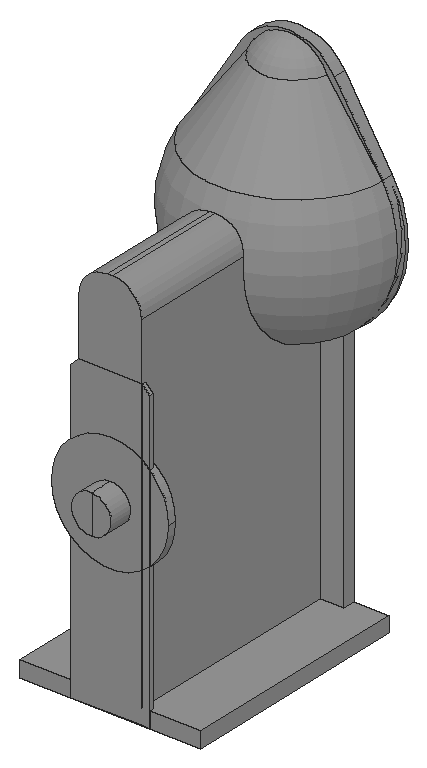
Revit family "Toilet-Willoughby-1490-ETF-FM-12-TS-FA", category Plumbing Fixtures, host Face, Revit 2014
Parameters (values of type "Standard")
  Waste DIA = 2 1/2"
  Waste Connection = yes
  W-RAD [instance] = Waste DIA / 2  # 0' - 1 1/4"
  Vent Connection = no
  URL = "www.willoughby-ind.com"
  Type Comments = ""
  Revision = "A"
  Model = "ETF-1490-FM-12-TS-FA"
  Manufacturer = "Willoughby Industries"
  HW Connection = no
  Flush inlet DIA = 1 1/2"
  Fixture Body = Stainless Steel AISI 304-Willoughby
  F-RAD [instance] = Flush inlet DIA / 2  # 0' - 0 3/4"
  Description = "Floor Outlet Toilet"
  Default Elevation = 0' - 0"
  Contact Number = "(800) 428-4065"
  CW Connection = yes
Reference planes (in)
  plane 1 "Base": y = -16.25
  plane 2: z = 0
  plane 3 "Center": x = 18.31072
  plane 4 "Waste height": y = -4.75
  plane 5: y = -1.25
  plane 6: z = -6.75
  plane 7: y = -2.125
  plane 8: y = -14.0625
  plane 9: y = 0.5
  plane 10: x = 16.56072
  plane 11: x = 20.06072
  plane 12: x = 11.56072
  plane 13: x = 25.06072
  plane 14: z = 23
  plane 15: z = 30.75
  plane 16: x = 15.81072
  plane 17: x = 20.81072
  plane 18: x = 16.31072
  plane 19: x = 20.31072
  plane 20: z = 12
  plane 21: x = 12.56072
  plane 22: x = 24.06072
  plane 23: z = 2.75
  plane 24: z = 32.75
Forms (in)
  Extrusion 1, solid, material "Stainless Steel AISI 304-Willoughby" <- "Fixture Body"
    sketch origin (16.08109, 7.47968, -0.20225) x (-1, 0, 0) y (0, 0, -1)
      loop
        line (1.29775, -16.80087) -> (1.29775, -1.20225) -> (-5.72963, -1.20225) -> (-5.72963, -16.81676)
        arc (-5.72963, -16.81676) -> (-8.98136, -21.11843) -> (-8.21015, -26.45542) r 7
        line (-8.21015, -26.45542) -> (-5.16818, -31.31054)
        arc (-5.16818, -31.31054) -> (-2.20225, -32.95225) -> (0.76368, -31.31054) r 3.5
        line (0.76368, -31.31054) -> (3.80565, -26.45542)
        arc (3.80565, -26.45542) -> (4.5729, -21.10311) -> (1.29775, -16.80087) r 7
      loop
        arc (2.03989, -24.70557) -> (-2.20225, -18.23804) -> (-6.44438, -24.70557) r 4.625
        line (-6.44438, -24.70557) -> (-4.04125, -30.23842)
        arc (-4.04125, -30.23842) -> (-2.20225, -31.45225) -> (-0.36324, -30.23842) r 2
        line (-0.36324, -30.23842) -> (2.03989, -24.70557)
    from 8.72968 to 9.5
  Revolve 2, solid, material "Stainless Steel AISI 304-Willoughby" <- "Fixture Body"
    sketch origin (19.37246, -1.52032, 3.00169) x (-1, 0, 0) y (0, 0, -1)
      loop
        line (1.06174, -12.59906) -> (1.06174, -12.84906)
        arc (1.06174, -12.84906) -> (7.03046, -17.88333) -> (5.08904, -25.44643) r 7.34171
        line (5.08904, -25.44643) -> (3.31535, -27.91457)
        arc (3.31535, -27.91457) -> (2.42192, -29.02159) -> (1.06174, -29.43826) r 2.42844
        line (1.06174, -29.43826) -> (1.06174, -29.68826)
        arc (1.06174, -29.68826) -> (2.54295, -29.2403) -> (3.52767, -28.04656) r 2.67283
        line (3.52767, -28.04656) -> (7.06964, -23.19143)
        arc (7.06964, -23.19143) -> (7.15052, -16.14555) -> (1.06174, -12.59906) r 7
      axis (1.06174, -12.59906) -> (1.06174, -29.68826)
    angle from 0 to -180
  Extrusion 3, solid, material "Stainless Steel AISI 304-Willoughby" <- "Fixture Body"
    sketch origin (19.53334, -3.02032, -2.9508) x (0, 1, 0) y (0, 0, 1)
      loop
        line (-4.42257, 3.9508) -> (1.02643, 3.9508) -> (1.02643, 18.97156)
        arc (1.02643, 18.97156) -> (-2.31062, 20.32275) -> (-4.42257, 23.23845) r 6.52287
        line (-4.42257, 23.23845) -> (-4.42257, 3.9508)
    from 0.77738 to -3.22262
  Extrusion 4, solid, material "Stainless Steel AISI 304-Willoughby" <- "Fixture Body"
    sketch origin (0, -16.25, 0) x (1, 0, 0) y (0, 0, 1)
      loop
        line (24.06072, 0) -> (24.06072, 1) -> (12.56072, 1) -> (12.56072, 0) -> (24.06072, 0)
    from -15 to 0
  Extrusion 5, solid, material "Stainless Steel AISI 304-Willoughby" <- "Fixture Body"
    sketch origin (0, -16.25, 2) x (1, 0, 0) y (0, 0, 1)
      loop
        line (20.31072, -1) -> (20.31072, 21.16116)
        arc (20.31072, 21.16116) -> (19.77214, 22.46142) -> (18.47188, 23) r 1.83884
        line (18.47188, 23) -> (18.15461, 23)
        arc (18.15461, 23) -> (16.85078, 22.45994) -> (16.31072, 21.15611) r 1.84389
        line (16.31072, 21.15611) -> (16.31072, -1) -> (20.31072, -1)
    from 0 to -8.80711
  Revolve 6, solid, material "Stainless Steel AISI 304-Willoughby" <- "Fixture Body"
    sketch origin (18.31072, 0, 0) x (0, 1, 0) y (0, 0, 1)
      loop
        line (-17.75, 12) -> (-14.75, 12) -> (-14.75, 13.25) -> (-17.75, 13.25) -> (-17.75, 12)
      axis (-14.75, 12) -> (-17.75, 12)
    angle from 0 to 360
  Revolve 7, solid, material "Stainless Steel AISI 304-Willoughby" <- "Fixture Body"
    sketch origin (18.31072, 0, 0) x (0, 1, 0) y (0, 0, 1)
      loop
        line (0, 2.75) -> (0, 3.5) -> (-3, 3.5) -> (-3, 2.75) -> (0, 2.75)
      axis (0, 2.75) -> (-3, 2.75)
    angle from 0 to 360
  Extrusion 8, solid, material "Stainless Steel AISI 304-Willoughby" <- "Fixture Body"
    sketch origin (0, -16.25, 9.25) x (1, 0, 0) y (0, 0, 1)
      loop
        circle (18.31072, 2.75) r 3.75
    from 0 to -0.5
  Extrusion 9, solid, material "Stainless Steel AISI 304-Willoughby" <- "Fixture Body"
    sketch origin (0, -16.25, 0) x (1, 0, 0) y (0, 0, 1)
      loop
        line (20.31072, 0) -> (20.81072, 0) -> (20.81072, 19) -> (20.31072, 19.5) -> (16.31072, 19.5) -> (15.81072, 19) -> (15.81072, 17) -> (15.81072, 0) -> (16.31072, 0) -> (20.31072, 0)
    from 0 to -0.25
Cuts and joins
  joined: Extrusion 1, Extrusion 3, Extrusion 4, Extrusion 5
Lines and regions (in)
  symbolic lines
    curve 1: line (24.06072, -16.25, 0) -> (12.56072, -16.25, 0)
    curve 2: line (11.28334, -2.02032, 0) -> (11.28334, -1.25, 0)
    curve 3: line (11.28334, -1.25, 0) -> (25.28334, -1.25, 0)
    curve 4: arc (25.28334, -1.25, 0) -> (23.34562, -6.3737, 0) -> (18.31072, -8.53165, 0) r 6.99765
    curve 5: arc (18.31072, -8.53165, 0) -> (13.53626, -6.63668, 0) -> (11.28334, -2.02032, 0) r 7.11223
    curve 6: line (12.56072, -5.52262, 0) -> (12.56072, -16.25, 0)
    curve 7: line (24.06072, -5.49416, 0) -> (24.06072, -16.25, 0)
    curve 8: line (20.31072, -8.234, 0) -> (20.31072, -16.25, 0)
    curve 9: line (16.31072, -8.2272, 0) -> (16.31072, -16.25, 0)
    curve 10: line (14.56072, -16.25, 0) -> (14.56072, -15.75, 0)
    curve 11: line (14.56072, -15.75, 0) -> (16.31072, -15.75, 0)
    curve 12: line (22.06072, -16.25, 0) -> (22.06072, -15.75, 0)
    curve 13: line (22.06072, -15.75, 0) -> (20.31072, -15.75, 0)
    curve 14: line (12.56072, -16.25, 0) -> (24.06072, -16.25, 0)
    curve 15: line (24.06072, -16.25, 0) -> (24.06072, -16.25, 1)
    curve 16: line (24.06072, -16.25, 1) -> (21.81072, -16.25, 1)
    curve 17: line (21.81072, -16.25, 1) -> (21.81072, -16.25, 16.61451)
    curve 18: arc (21.81072, -16.25, 16.61451) -> (25.08188, -16.25, 20.87566) -> (24.31862, -16.25, 26.19312) r 6.91969
    curve 19: line (24.31862, -16.25, 26.19312) -> (21.25205, -16.25, 31.10385)
    curve 20: arc (21.25205, -16.25, 31.10385) -> (18.28334, -16.25, 32.75) -> (15.31463, -16.25, 31.10385) r 3.5
    curve 21: line (15.31463, -16.25, 31.10385) -> (12.35249, -16.25, 26.379)
    curve 22: arc (12.35249, -16.25, 26.379) -> (11.49002, -16.25, 20.97236) -> (14.78334, -16.25, 16.59862) r 7
    curve 23: line (14.78334, -16.25, 16.59862) -> (14.78334, -16.25, 1)
    curve 24: line (14.78334, -16.25, 1) -> (12.56072, -16.25, 1)
    curve 25: line (12.56072, -16.25, 1) -> (12.56072, -16.25, 0)
    curve 31: line (18.31072, -16.23457, 0) -> (18.31072, -1.25, 0)
    curve 32: line (18.31072, -1.25, 0) -> (18.31072, -1.25, 32.75)
    curve 33: line (18.31072, -1.25, 32.75) -> (18.31072, -2.02032, 32.75)
    curve 34: arc (18.31072, -2.02032, 32.75) -> (18.31072, -3.17945, 32.10263) -> (18.31072, -3.98625, 31.04824) r 3.27434
    curve 35: line (18.31072, -3.98625, 31.04824) -> (18.31072, -7.52822, 26.19312)
    curve 36: arc (18.31072, -7.52822, 26.19312) -> (18.31072, -7.83175, 25.60913) -> (18.31072, -8.084, 25.00124) r 7.65783
    curve 37: line (18.31072, -8.084, 25.00124) -> (18.31072, -16.23457, 25.00124)
    curve 38: line (18.31072, -16.23457, 25.00124) -> (18.31072, -16.23457, 0)
    curve 39: line (18.31072, -16.23457, 1) -> (18.31072, -2.02032, 1)
    curve 40: line (18.31072, -2.02032, 1) -> (18.31072, -2.02032, 16.59862)
    curve 41: line (18.31072, -2.02032, 16.59862) -> (18.31072, -1.25, 16.59862)
    curve 42: arc (18.31072, -2.02032, 15.94665) -> (18.31072, -5.64926, 17.34255) -> (18.31072, -7.88162, 20.52599) r 6.66441
    curve 43: arc (18.31072, -7.88162, 20.52599) -> (18.31072, -8.16455, 21.74767) -> (18.31072, -8.22932, 23) r 7.13765
    curve 44: arc (18.31072, -8.22932, 23) -> (18.31072, -8.17477, 24.00193) -> (18.31072, -8.084, 25.00124) r 27.72439
    curve 45: arc (21.81072, -16.25, 13.3537) -> (22.06101, -16.25, 12.0037) -> (21.81072, -16.25, 10.65371) r 3.76582
  symbolic lines, detail levels fine
    curve 26: arc (14.78334, -16.25, 13.27282) -> (14.56072, -16.25, 12) -> (14.78334, -16.25, 10.72718) r 3.75
    curve 27: arc (22.52547, -16.25, 24.50332) -> (18.28334, -16.25, 18.0358) -> (14.0412, -16.25, 24.50332) r 4.625
    curve 28: line (14.0412, -16.25, 24.50332) -> (16.44433, -16.25, 30.03617)
    curve 29: arc (16.44433, -16.25, 30.03617) -> (18.28334, -16.25, 31.2424) -> (20.12234, -16.25, 30.03617) r 2.00498
    curve 30: line (20.12234, -16.25, 30.03617) -> (22.52547, -16.25, 24.50332)
Dimensions and locks (in)
  plane 1 "Base" to plane 5 = 1' - 3"
  level to plane 15 = 2' - 6 3/4"
  locked: plane 21 to plane 22 at 11.5
  plane 21 to plane 22 = 0' - 11 1/2"
  plane 13 to plane 22 = 0' - 1"
  level to plane 20 = 1' - 0"
  plane 21 to plane 3 "Center" = 0' - 5 3/4"
  level to plane 23 = 0' - 2 3/4"
  plane 18 to plane 19 = 0' - 4"
  plane 18 to plane 3 "Center" to plane 19 = 0' - 2", 0' - 2"
  plane 15 to level = 2' - 6 3/4"
  plane 20 to level = 1' - 0"
  aligned and locked: plane 2 to host face
  aligned and locked: level to host face
Connectors (in)
  piping at (18.31072, -17.75, 12), diameter 2.5, driven by "W-RAD", driven by "Waste Connection"
    settings: on Revolve 6, index 4, connector inside diameter 24", connector length 0' - 0", flow factor 0, pipe flow 1.6 GPM, pressure drop 0.00 psi, fitting loss kfactor 0, connector angle 0.00°, fixture units 0, engagement length 0' - 0", angle of deflection 0.00°, flow configuration 0, flow direction 2, fitting loss method 0, system type 16, joint type 0, gender type 0, connector reference index -1, connector utility 1, adjustable connector no, is connector primary yes, connector description "Toilet Waste"
  piping at (18.31072, 0, 2.75), diameter 1.5, driven by "F-RAD", driven by "CW Connection"
    settings: on Revolve 7, index 5, connector inside diameter 24", connector length 0' - 0", flow factor 0, pipe flow 0 GPM, pressure drop 0.00 psi, fitting loss kfactor 0, connector angle 0.00°, fixture units 0, engagement length 0' - 0", angle of deflection 0.00°, flow configuration 0, flow direction 1, fitting loss method 0, system type 20, joint type 0, gender type 0, connector reference index -1, connector utility 1, adjustable connector no, is connector primary no, connector description "Flush Inlet"
